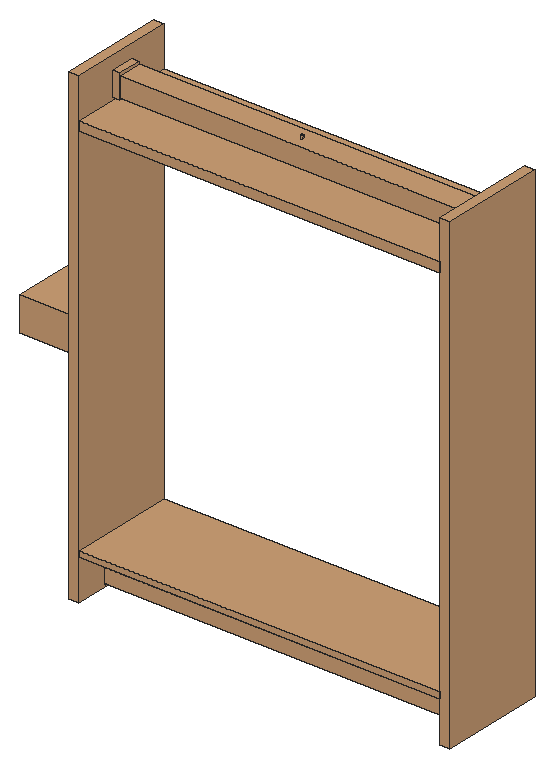
Revit family
Parameters
  Center of Unit = 0' - 0"  # constant formula
  Total Heating Capacity [instance] = 0.0 Btu/h
  Series = "VIFB"
  Outlet Area = 40.60 SF
  Lower Frame Thickness = if(Headers Height = 0' 3", 0' 1 1/4", if(Headers Height = 0' 3 1/4", 0' 1 1/4", 0' 0"))  # 0' - 1 1/4"
  Water Pressure Drop [instance] = 0.00 psi
  Water Flow [instance] = 0 GPM
  Unit Weight (lbs) = 1107
  URL = "http://www.ljwing.com/"
  Water Outlet Radius = 0' - 1 1/2"
  Headers Height = if(M = 0' 1", 0' 3", if(M = 0' 1 1/2", 0' 3 1/4", 0' 0"))  # 0' - 3"
  Number of Rows = 2  # constant formula
  Number of Coils [instance] = 0
  Nominal Length = 6' - 7 1/16"
  N = 1' - 0 3/4"
  Model = "VE-7W"
  Manufacturer = "LJ Wing"
  M = 0' - 1"
  Leaving Water Temperature [instance] = 0 °F
  Leaving Air Temperature [instance] = 0 °F
  Entering Water Temperature [instance] = 0 °F
  Entering Air Temperature [instance] = 0 °F
  Description = "Vertical Integral Face & Bypass Water Heating Coils"
  Hot Water Inlet  Radius = 0' - 1 1/2"
  Coil Face Area = Outlet Area * 0.56  # 22.736 SF
  Casing Material = ""
  Assembly Code = "D3020300"
  Air Vent Radius = 0' - 0 1/4"
  Air Pressure Drop [instance] = 0.00 in-wg
  Air Inlet Width = Nominal Length - 0' 4"  # 6' - 3 1/16"
  Air Inlet Height = Y  # 6' - 6"
  Air Flow [instance] = 0 CFM
  Y = 6' - 6"
  S = 0' - 9 3/4"  # constant formula
  Product URL = "http://www.ljwing.com/html/vifb.asp"
  OmniClass = "23-75 70 21 14 "
  Nominal Height = 8' - 2"
  Nominal Depth = 1' - 10"
  R = 0' - 10 1/4"  # constant formula
  Q = 0' - 3 17/32"
Reference planes (in)
  plane 1 "Center (Front/Back)": y = 0
  plane 2: z = -39
  plane 3 "Center (Left/Right)": x = 0
  plane 4: z = 49.25
  plane 5: x = -39.53125
  plane 6: x = 39.53125
  plane 7: z = -48.75
  plane 8: z = 0
  plane 9: y = -11
  plane 10: y = 11
  plane 11: z = 39
  plane 12: z = 41
  plane 13: z = -40.25
  plane 14: x = 37.53125
  plane 15: x = -37.53125
  plane 16: x = -36
  plane 17: x = 36
  plane 18: y = 14.0625
  plane 19: x = -50.53125
  plane 20: z = 46.125
  plane 21: z = 42.125
  plane 22: y = -2.5
  plane 23: y = 2.5
  plane 24: y = -4.5
  plane 25: z = -46.375
  plane 26: x = -26.78125
  plane 27: x = 26.78125
  plane 28: z = -42.375
Forms (in)
  Extrusion 1, solid, material "Painted Finish"
    sketch origin (0, 6, -9.75) x (1, 0, 0) y (0, 0, 1)
      loop
        line (-39.53125, -39) -> (-37.53125, -39) -> (-37.53125, 59) -> (-39.53125, 59) -> (-39.53125, -39)
      loop
        line (39.53125, -39) -> (39.53125, 59) -> (37.53125, 59) -> (37.53125, -39) -> (39.53125, -39)
    from -5 to 17
  Extrusion 2, solid, material "Painted Finish"
    sketch origin (0, 6, 0) x (1, 0, 0) y (0, 0, 1)
      loop
        line (37.53125, -39) -> (-37.53125, -39) -> (-37.53125, -40.25) -> (37.53125, -40.25) -> (37.53125, -39)
      loop
        line (37.53125, 39) -> (37.53125, 41) -> (-37.53125, 41) -> (-37.53125, 39) -> (37.53125, 39)
    from -5 to 17
  Extrusion 3, solid, material "Painted Finish"
    sketch origin (0, 10, -0.5) x (1, 0, 0) y (0, 0, 1)
      loop
        line (-39.53125, 4) -> (-50.53125, 4) -> (-50.53125, -3) -> (-39.53125, -3) -> (-39.53125, 4)
    from 0 to 20
  Extrusion 4, solid, material "Painted Finish"
    sketch origin (0, 6, 0) x (1, 0, 0) y (0, 0, 1)
      loop
        line (-35.90625, 46.125) -> (-35.90625, 42.125) -> (35.90625, 42.125) -> (35.90625, 46.125) -> (-35.90625, 46.125)
    from 3.5 to 8.5
  Extrusion 5, solid, material "Painted Finish"
    sketch origin (0, 0, 0) x (1, 0, 0) y (0, 0, 1)
      loop
        line (-35.90625, 41.625) -> (-35.90625, 46.625) -> (-37.53125, 46.625) -> (-37.53125, 41.625) -> (-35.90625, 41.625)
      loop
        line (37.53125, 41.625) -> (37.53125, 46.625) -> (35.90625, 46.625) -> (35.90625, 41.625) -> (37.53125, 41.625)
    from -2.5 to 2.5
  Extrusion 6, solid, material "Painted Finish"
    sketch origin (0, 6, 0) x (1, 0, 0) y (0, 0, 1)
      loop
        line (-37.03125, -40.875) -> (-37.03125, -40.625) -> (-37.53125, -40.625) -> (-37.53125, -44.125) -> (-37.03125, -44.125) -> (-37.03125, -43.875) -> (37.03125, -43.875) -> (37.03125, -44.125) -> (37.53125, -44.125) -> (37.53125, -40.625) -> (37.03125, -40.625) -> (37.03125, -40.875) -> (-37.03125, -40.875)
      loop
        line (37.03125, -47.875) -> (37.03125, -48.125) -> (37.53125, -48.125) -> (37.53125, -44.625) -> (37.03125, -44.625) -> (37.03125, -44.875) -> (-37.03125, -44.875) -> (-37.03125, -44.625) -> (-37.53125, -44.625) -> (-37.53125, -48.125) -> (-37.03125, -48.125) -> (-37.03125, -47.875) -> (37.03125, -47.875)
    from -5 to 10.5
  Extrusion 7, void
    sketch origin (0, 0, 0) x (1, 0, 0) y (0, 0, 1)
      loop
        line (-37.53125, 39) -> (-37.53125, -39) -> (37.53125, -39) -> (37.53125, 39) -> (-37.53125, 39)
    from -11 to 11
  Extrusion 8, solid, material "Painted Finish"
    sketch origin (0, 0, 0) x (1, 0, 0) y (0, 0, 1)
      loop
        circle (26.78125, -46.375) r 1
      loop
        circle (-26.78125, -42.375) r 1
    from -14.0625 to -11
  Extrusion 9, solid, material "Painted Finish"
    sketch origin (0, 0, 0) x (1, 0, 0) y (0, 1, 0)
      loop
        circle (0, 0) r 0.25
    from 46.125 to 46.625
Cuts and joins
  Extrusion 7 cuts Extrusion 1
  Extrusion 7 cuts Extrusion 2
Dimensions and locks (in)
  "Nominal Length": plane 6 to plane 5
  equal spacing: plane 6, plane 3 "Center (Left/Right)", plane 5
  "S": plane 2 to plane 7
  "Nominal Depth": plane 10 to plane 9
  equal spacing: plane 10, plane 1 "Center (Front/Back)", plane 9
  "Y": plane 11 to plane 2
  "R": plane 4 to plane 11
  locked: plane 12 to plane 11 at 2
  "Lower Frame Thickness": plane 2 to plane 13
  "Q": plane 16 to plane 5
  "Q": plane 6 to plane 17
  locked: plane 18 to plane 10 at 3.0625
  locked: plane 5 to plane 19 at 11
  locked: Extrusion 3 sketch curve to Extrusion 3 sketch curve at 7
  locked: Extrusion 3 to Extrusion 3 at 20
  locked: plane 6 to plane 14 at 2
  locked: plane 15 to plane 5 at 2
  locked: Extrusion 5 sketch curve to plane 20 at 0.5
  locked: plane 21 to Extrusion 5 sketch curve at 0.5
  locked: plane 20 to plane 21 at 4
  locked: plane 23 to plane 22 at 5
  equal spacing: plane 23, plane 1 "Center (Front/Back)", plane 22
  locked: plane 22 to plane 24 at 2
  plane 4 to plane 7 = 8' - 2"
  locked: Extrusion 5 sketch curve to Extrusion 1 at 1.625
  locked: Extrusion 5 sketch curve to Extrusion 5 sketch curve at 1.625
  locked: Extrusion 7 sketch curve to plane 11 at 0
  locked: Extrusion 7 sketch curve to plane 15 at 0
  locked: Extrusion 7 sketch curve to plane 14 at 0
  locked: plane 15 to Extrusion 6 sketch curve at 0.5
  locked: Extrusion 6 sketch curve to Extrusion 6 sketch curve at 0.25  (x2)
  locked: plane 25 to plane 7 at 2.375
  "N": plane 26 to plane 5
  "N": plane 6 to plane 27
  locked: plane 28 to plane 7 at 6.375
  "Headers Height": Extrusion 6 sketch curve to Extrusion 6 sketch curve  (x2)
  locked: Extrusion 8 sketch curve to plane 25 at 0
  locked: Extrusion 8 sketch curve to plane 28 at 0
  locked: Extrusion 9 sketch curve to plane 1 "Center (Front/Back)" at 0
  locked: Extrusion 9 sketch curve to plane 3 "Center (Left/Right)" at 0
  equal spacing: Extrusion 6 sketch curve, plane 28, Extrusion 6 sketch curve
  equal spacing: Extrusion 6 sketch curve, plane 25, Extrusion 6 sketch curve
  locked: plane 4 to plane 20 at 3.125
  locked: Extrusion 7 sketch curve to plane 2 at 0
  equal spacing: plane 11, plane 8, plane 2
  locked: Extrusion 8 sketch curve to plane 27 at 0
  locked: Extrusion 8 sketch curve to plane 26 at 0
  "M": radius of Extrusion 8 sketch curve  (x2)
  "Air Vent Radius": radius of Extrusion 9 sketch curve
  aligned and locked: Extrusion 1 to plane 9
  aligned and locked: Extrusion 1 to plane 10
  aligned and locked: Extrusion 1 to plane 15
  aligned and locked: Extrusion 1 to plane 14
  aligned and locked: Extrusion 2 to plane 9
  aligned and locked: plane 9 to Extrusion 1
  aligned and locked: plane 10 to Extrusion 1  (x2)
  aligned and locked: Extrusion 2 to plane 10
  aligned and locked: plane 10 to Extrusion 2  (x2)
  aligned and locked: plane 9 to Extrusion 2  (x2)
  aligned and locked: plane 5 to Extrusion 3
  aligned and locked: Extrusion 5 sketch curve to plane 15
  aligned and locked: Extrusion 5 sketch curve to Extrusion 4
  aligned and locked: Extrusion 1 to Extrusion 6
  aligned and locked: plane 22 to Extrusion 5
  aligned and locked: Extrusion 5 to Extrusion 4  (x2)
  aligned and locked: Extrusion 5 to plane 23
  aligned and locked: Extrusion 6 to plane 24
  aligned and locked: Extrusion 4 to Extrusion 5  (x2)
  aligned and locked: Extrusion 5 to Extrusion 1  (x2)
  aligned and locked: Extrusion 1 to Extrusion 7  (x2)
  aligned and locked: plane 18 to Extrusion 8
  aligned and locked: Extrusion 8 to plane 10
  aligned and locked: plane 20 to Extrusion 9
  aligned and locked: Extrusion 9 to Extrusion 5
  aligned and locked: plane 2 to cut or joined group of Extrusion 2, Extrusion 7
  aligned and locked: Extrusion 1 sketch curve to plane 6
  aligned and locked: Extrusion 1 sketch curve to plane 14
  aligned and locked: Extrusion 1 sketch curve to plane 15
  aligned and locked: Extrusion 1 sketch curve to plane 5
  aligned and locked: Extrusion 1 sketch curve to plane 4  (x2)
  aligned and locked: plane 7 to Extrusion 1 sketch curve  (x2)
  aligned and locked: Extrusion 2 sketch curve to plane 11
  aligned and locked: Extrusion 2 sketch curve to plane 12
  aligned and locked: plane 2 to Extrusion 2 sketch curve
  aligned and locked: Extrusion 2 sketch curve to plane 13
  aligned and locked: plane 14 to Extrusion 2 sketch curve
  aligned and locked: plane 15 to Extrusion 2 sketch curve
  aligned and locked: Extrusion 2 sketch curve to plane 15
  aligned and locked: Extrusion 2 sketch curve to plane 14
  aligned and locked: plane 20 to Extrusion 4 sketch curve
  aligned and locked: Extrusion 4 sketch curve to plane 21
  aligned and locked: plane 14 to Extrusion 6 sketch curve  (x2)
  aligned and locked: Extrusion 6 sketch curve to plane 15  (x2)
Automatic sketch dimensions
  Extrusion 3 sketch curve to plane 19 = 0' - 0"
  Extrusion 3 sketch curve to plane 5 = 0' - 0"
  plane 8 to Extrusion 3 sketch curve = 0' - 3 1/2"
  plane 16 to Extrusion 4 sketch curve = 0' - 0 3/32"
  Extrusion 4 sketch curve to plane 17 = 0' - 0 3/32"
  plane 21 to Extrusion 5 sketch curve = 0' - 0 1/2"
  Extrusion 5 sketch curve to plane 20 = 0' - 0 1/2"
  plane 15 to Extrusion 6 sketch curve = 0' - 0 1/2"  (x2)
  Extrusion 6 sketch curve to Extrusion 6 sketch curve = 0' - 0 1/4"  (x5)
  Extrusion 6 sketch curve to Extrusion 6 sketch curve = 0' - 0"  (x2)
  Extrusion 6 sketch curve to plane 14 = 0' - 0 1/2"  (x2)
  Extrusion 6 sketch curve to Extrusion 6 sketch curve = 0' - 0 1/2"
  Extrusion 6 sketch curve to plane 7 = 0' - 0 5/8"
Connectors (in)
  hvac at (0, -11, 0), driven by "Air Inlet Height", driven by "Air Inlet Width", driven by "Air Flow", driven by "Air Pressure Drop"
    settings: on Extrusion 7, index 1
  hvac at (0, 11, 0), driven by "Air Pressure Drop", driven by "Air Inlet Height", driven by "Air Inlet Width", driven by "Air Flow"
    settings: on Extrusion 7, index 2
  piping at (-26.78125, 14.0625, -42.375), driven by "M", driven by "Water Flow", driven by "Water Pressure Drop"
    settings: on Extrusion 8, index 4
  piping at (26.78125, 14.0625, -46.375), driven by "Water Pressure Drop", driven by "Water Flow", driven by "M"
    settings: on Extrusion 8, index 5
